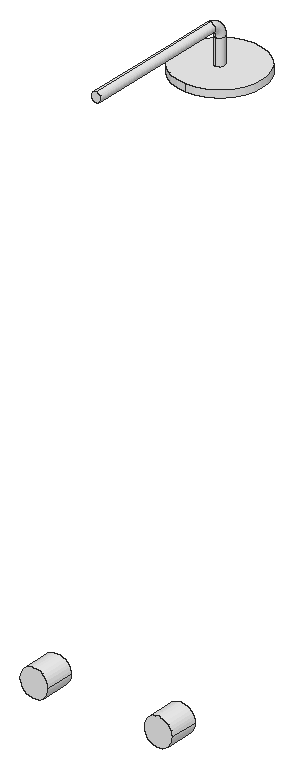
Revit family "Chuveiro_Parede_C", category Plumbing Fixtures, host Wall, Revit 2025
Family settings
  Host = Wall
  Round Connector Dimension = Use Diameter
  Part Type = Normal
  OmniClass Number = 23.45.00.00
  OmniClass Title = Sanitary, Laundry, and Cleaning Equipment
  Enable Cutting in Views = No
  Always vertical = Yes
  Cut with Voids When Loaded = No
  Maintain Annotation Orientation = No
  Shared = No
  Room Calculation Point = No
Parameters (values of type "CHV_PAR")
  Material_Chuveiro = CT_Cromados
  Description = "Descrição do tipo"
  Default Elevation = 0 mm
  Altura_Chuveiro = 2250 mm
  Altura Torneiras [instance] = 1080 mm
Reference planes
  plane 1: y = 0
  plane 2 "Center (Left/Right)": x = 125
  plane 3 "Back": y = 50
  plane 4: z = 2250
  plane 5: z = 1080
Forms (mm)
  Sweep 1, solid, material "CT_Cromados" <- "Material_Chuveiro"
    path origin (125, 0, 0) x (0, 1, 0) y (0, 0, 1)
      loop
        line (50, 2250) -> (355, 2250)
        arc (355, 2250) -> (372.678, 2242.678) -> (380, 2225) r 25
        line (380, 2225) -> (380, 2170)
    profile origin (125, 202.5, 2250) x (0, 0, 1) y (1, 0, 0)
      loop
        circle (0, 0) r 10
  Extrusion 2, solid, material "CT_Cromados" <- "Material_Chuveiro"
    sketch origin (125, 380, 2170) x (0, -1, 0) y (-1, 0, 0)
      loop
        circle (0, 0) r 90
    from 15.441 to 0
  Extrusion 3, solid, material "CT_Cromados" <- "Material_Chuveiro"
    sketch origin (-60, 50, 0) x (1, 0, 0) y (0, 0, 1)
      loop
        circle (317.921, 1080) r 30
    from 0 to -60.533
  Extrusion 4, solid, material "CT_Cromados" <- "Material_Chuveiro"
    sketch origin (310, 50, 0) x (-1, 0, 0) y (0, 0, -1)
      loop
        circle (317.921, -1080) r 30
    from 0 to -60.533
Cuts and joins
  joined: Sweep 1, Extrusion 2
Lines and regions (mm)
  model lines, style "PlumbingFixtures"
    curve 1: circle (125.066, 380.504, 0) r 90 normal (0, 0, 1)
  model lines, style "PlumbingFixturesHiddenLines"
    curve 2: line (114.16, 291.167, 0) -> (114.16, 50, 0)
    curve 3: line (134.16, 50, 0) -> (134.16, 290.964, 0)
Text (mm)
  text "Placement side" at (-1787.139, 592.35, 0), in view "Ref. Level"
  text "Placement side" at (0, 1827.695, 2917.686), in view "Left"
  text "Placement side" at (0, 562.268, 3853.606), in view "Right"
Dimensions and locks
  locked: plane 3 "Back" to host wall
  "Altura_Chuveiro": plane 4 to level
  "Altura Torneiras": level to plane 5
  aligned and locked: plane 1 to host wall
  aligned and locked: Extrusion 2 to Sweep 1
  aligned and locked: Sweep 1 to plane 3 "Back"
  aligned and locked: cut or joined group of Sweep 1, Extrusion 2 to curve 3
  aligned and locked: cut or joined group of Sweep 1, Extrusion 2 to curve 2
Automatic sketch dimensions
  Sweep 1 sketch curve to plane 3 "Back" = 0 mm
  Sweep 1 sketch curve to plane 4 = 0 mm
  Sweep 1 sketch curve to plane 4 = 25 mm
  Sweep 1 sketch curve to plane 3 "Back" = 305 mm
  Sweep 1 sketch curve to Sweep 1 sketch curve = 55 mm
  Sweep 1 sketch curve to plane 2 "Center (Left/Right)" = 0 mm
  Sweep 1 sketch curve to profile plane = 0 mm
  Extrusion 3 sketch curve to plane 5 = 0 mm
  plane 2 "Center (Left/Right)" to Extrusion 3 sketch curve = 132.921 mm
  Extrusion 4 sketch curve to plane 5 = 0 mm
  plane 2 "Center (Left/Right)" to Extrusion 4 sketch curve = 132.921 mm
  plane 2 "Center (Left/Right)" to curve 1 = 0.066 mm
  host wall to curve 1 = 330.504 mm
  curve 2 to plane 2 "Center (Left/Right)" = 10.84 mm
  plane 2 "Center (Left/Right)" to curve 3 = 9.16 mm
  curve 3 to curve 1 = 89.539 mm
  radius of Sweep 1 sketch curve = 10 mm
  radius of Sweep 1 to Extrusion 2 sketch curve = 80 mm
  radius of Extrusion 3 sketch curve = 30 mm
  radius of Extrusion 4 sketch curve = 30 mm
Connectors
  piping at (-7.921, 50, 1080), diameter 15
    settings: on Extrusion 4, index 1, connector inside diameter 609.6 mm, connector length 0 mm, flow factor 0, pipe flow 0.0 L/s, pressure drop 0.0 Pa, fitting loss kfactor 0, connector angle 0.00°, fixture units 0, engagement length 0 mm, angle of deflection 0.00°, flow configuration 0, flow direction 1, fitting loss method 0, system type 20, joint type 0, gender type 0, connector reference index -1, connector utility 0, adjustable connector no, is connector primary yes, connector description ""
  piping at (257.921, 50, 1080), diameter 15
    settings: on Extrusion 3, index 2, connector inside diameter 609.6 mm, connector length 0 mm, flow factor 0, pipe flow 0.0 L/s, pressure drop 0.0 Pa, fitting loss kfactor 0, connector angle 0.00°, fixture units 0, engagement length 0 mm, angle of deflection 0.00°, flow configuration 0, flow direction 1, fitting loss method 0, system type 19, joint type 0, gender type 0, connector reference index -1, connector utility 0, adjustable connector no, is connector primary no, connector description ""
